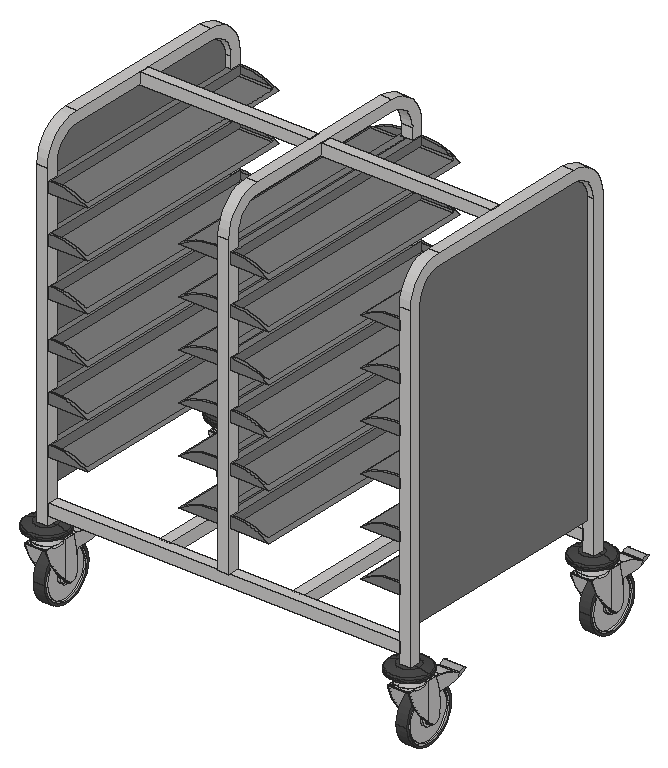
Revit family "QF_BOURGEAT_chariot_cafeteria_12plateaux_modele_bas_gris", category Equipement spécialisé, Revit 2015
Parameters (values of type "chariot_modele_bas_glissieres_grises_avec_panneaux_gris")
  panneaux_gris = yes
  URL catalogue = "http://www.bourgeat.fr"
  URL = ""
  Type article = ""
  Spécification du Fabricant = "782926"
  Profondeur hors tout = 618 mm
  Poids net à vide = 23.50 kg
  Modèle = "CHARIOT CAFETERIA"
  Longueur hors tout = 923 mm
  Hauteur hors tout = 994 mm
  Fabricant = "BOURGEAT"
  Contact SAV = "0033(0)4.76.32.14.44"
  Charge max = 60.00 kg
Types (3, lengths in mm): name | panneaux_gris | Spécification du Fabricant | Poids net à vide | Modèle
  (no name) | yes | "782926" | 23.50 kg | "CHARIOT CAFETERIA"
  chariot_modele_bas_glissieres_grises_sans_panneaux | no | "CHARIOT CAFETERIA" | 17.00 kg | "782326"
  chariot_modele_bas_glissieres_grises_avec_panneaux_gris | yes | "782926" | 23.50 kg | "CHARIOT CAFETERIA"
Reference planes
  plane 1 "Centre (avant/arrière)": y = 0
  plane 2: z = 0
  plane 3 "Centre (gauche/droite)": x = 0
  plane 4: x = 426.5
  plane 5: x = -426.5
  plane 6: z = 227.8
  plane 7: z = 182
  plane 8: z = 202.8
  plane 9: x = -164.5
  plane 10: x = 164.5
  plane 11: y = 12.5
  plane 12: y = -12.5
  plane 13: z = 867.34
  plane 14: z = 759.34
  plane 15: z = 651.34
  plane 16: z = 543.34
  plane 17: z = 435.34
  plane 18: z = 327.34
  plane 19: x = -207
  plane 20: x = 207
  plane 21: x = -401.5
  plane 22: x = -12.5
  plane 23: x = 401.5
  plane 24: x = 12.5
  plane 25: z = 964.5
Forms (mm)
  Extrusion 1, solid, material "Acier inoxydable, brossé"
    sketch origin (0, 0, 0) x (0, 1, 0) y (0, 0, 1)
      loop
        line (-274, 228) -> (-274, 202.8) -> (-249, 202.8) -> (-249, 228) -> (-274, 228)
      loop
        line (249, 202.8) -> (274, 202.8) -> (274, 228) -> (249, 228) -> (249, 202.8)
    from -401.5 to 401.5
  Extrusion 2, solid, material "Acier inoxydable, brossé"
    sketch origin (0, 0, 0) x (1, 0, 0) y (0, 0, 1)
      loop
        line (-164.5, 227.8) -> (-164.5, 202.8) -> (-139.5, 202.8) -> (-139.5, 227.8) -> (-164.5, 227.8)
      loop
        line (164.5, 227.8) -> (139.5, 227.8) -> (139.5, 202.8) -> (164.5, 202.8) -> (164.5, 227.8)
    from -249 to 250
  Extrusion 3, solid, material "Acier inoxydable, brossé"
    sketch origin (0, 0, 0) x (1, 0, 0) y (0, 0, 1)
      loop
        line (-401.5, 995) -> (-401.5, 970) -> (-12.5, 970) -> (-12.5, 995) -> (-401.5, 995)
      loop
        line (401.5, 995) -> (12.5, 995) -> (12.5, 970) -> (401.5, 970) -> (401.5, 995)
    from -12.5 to 12.5
Dimensions and locks
  locked: plane 5 to plane 4 at 853
  plane 6 to plane 8 = 25 mm
  equal spacing: group 1, group 2, group 3, group 4, group 5, group 6  (x2)
  equal spacing: group 6, group 5, group 4, group 3, group 2, group 1
  nested 2 to level = 995 mm
  aligned and locked: level to plane 2
  aligned and locked: plane 5 to nested 1
  aligned and locked: nested 2 to plane 1 "Centre (avant/arrière)"
  aligned and locked: nested 1 to plane 1 "Centre (avant/arrière)"
  aligned and locked: nested 2 to nested 6
  aligned and locked: nested 6 to nested 2
  aligned and locked: plane 4 to nested 2
  aligned and locked: nested 1 to plane 5
  aligned and locked: nested 4 to nested 1  (x2)
  aligned and locked: nested 3 to nested 1
  aligned and locked: nested 5 to nested 2  (x2)
  aligned and locked: plane 3 "Centre (gauche/droite)" to nested 7
  aligned and locked: nested 7 to plane 1 "Centre (avant/arrière)"
  aligned and locked: Extrusion 1 sketch curve to nested 7  (x4)
  aligned and locked: plane 8 to Extrusion 1 sketch curve
  aligned and locked: Extrusion 1 sketch curve to nested 1
  aligned and locked: Extrusion 1 sketch curve to plane 8
  aligned and locked: nested 1 to Extrusion 1 sketch curve
  aligned and locked: Extrusion 1 to nested 2
  aligned and locked: Extrusion 1 to nested 1
  aligned and locked: plane 9 to Extrusion 2 sketch curve  (x2)
  aligned and locked: Extrusion 2 sketch curve to plane 6
  aligned and locked: plane 8 to Extrusion 2 sketch curve  (x3)
  aligned and locked: plane 10 to Extrusion 2 sketch curve  (x3)
  aligned and locked: plane 6 to Extrusion 2 sketch curve
  aligned and locked: Extrusion 2 sketch curve to plane 8
  aligned and locked: Extrusion 2 to Extrusion 1
  aligned and locked: Extrusion 3 sketch curve to nested 1
  aligned and locked: nested 1 to Extrusion 3 sketch curve
  aligned and locked: Extrusion 3 sketch curve to nested 7  (x3)
  aligned and locked: nested 2 to Extrusion 3 sketch curve
  aligned and locked: Extrusion 3 sketch curve to nested 2
  aligned and locked: nested 7 to Extrusion 3 sketch curve
  aligned and locked: plane 11 to Extrusion 3
  aligned and locked: plane 12 to Extrusion 3
  aligned and locked: plane 13 to nested 8
  aligned and locked: plane 21 to nested 8
  aligned and locked: plane 21 to nested 9
  aligned and locked: plane 21 to nested 12
  aligned and locked: nested 1 to plane 21
  aligned and locked: nested 14 to plane 22
  aligned and locked: nested 15 to plane 22
  aligned and locked: nested 18 to plane 22
  aligned and locked: nested 20 to plane 23
  aligned and locked: nested 21 to plane 23
  aligned and locked: nested 24 to plane 23
  aligned and locked: plane 24 to nested 26
  aligned and locked: plane 24 to nested 27
  aligned and locked: plane 24 to nested 30
  aligned and locked: nested 33 to nested 20
  aligned and locked: nested 32 to nested 8
  aligned and locked: plane 25 to nested 33
  aligned and locked: plane 25 to nested 32
Nested families
  nested 1: "montant_U" at (-414, 0, 182) x (0, 1, 0) z (0, 0, 1), visible <- "panneaux_gris", type "montant_U"
  nested 2: "montant_U" at (414, 0, 182) x (0, 1, 0) z (0, 0, 1), type "montant_U"
  nested 3: "ROULETTE_H182" at (-414, 261.5, 0), type "ROULETTE_H182"
    with Sans frein yes, Avec frein yes
  nested 4: "ROULETTE_H182" at (-414, -261.5, 0), type "ROULETTE_H182"
    with Sans frein yes, Avec frein yes
  nested 5: "ROULETTE_H182" at (414, -261.5, 0), type "ROULETTE_H182"
    with Sans frein yes, Avec frein yes
  nested 6: "ROULETTE_H182" at (414, 261.5, 0), type "ROULETTE_H182"
    with Sans frein yes, Avec frein yes
  nested 7: "montant_U_central" at (0, 0, 228) x (0, 1, 0) z (0, 0, 1), type "montant_U_central"
  nested 8: "glissiere_polypropylene_gris" at (-411.5, 0, 862.34), type "glissiere_polypropylene_gris"
  nested 9: "glissiere_polypropylene_gris" at (-411.5, 0, 754.34), type "glissiere_polypropylene_gris"
  nested 10: "glissiere_polypropylene_gris" at (-411.5, 0, 646.34), type "glissiere_polypropylene_gris"
  nested 11: "glissiere_polypropylene_gris" at (-411.5, 0, 538.34), type "glissiere_polypropylene_gris"
  nested 12: "glissiere_polypropylene_gris" at (-411.5, 0, 430.34), type "glissiere_polypropylene_gris"
  nested 13: "glissiere_polypropylene_gris" at (-411.5, 0, 322.34), type "glissiere_polypropylene_gris"
  nested 14: "glissiere_polypropylene_gris" at (-2.5, 0, 862.34) x (-1, 0, 0) z (0, 0, 1), type "glissiere_polypropylene_gris"
  nested 15: "glissiere_polypropylene_gris" at (-2.5, 0, 754.34) x (-1, 0, 0) z (0, 0, 1), type "glissiere_polypropylene_gris"
  nested 16: "glissiere_polypropylene_gris" at (-2.5, 0, 646.34) x (-1, 0, 0) z (0, 0, 1), type "glissiere_polypropylene_gris"
  nested 17: "glissiere_polypropylene_gris" at (-2.5, 0, 538.34) x (-1, 0, 0) z (0, 0, 1), type "glissiere_polypropylene_gris"
  nested 18: "glissiere_polypropylene_gris" at (-2.5, 0, 430.34) x (-1, 0, 0) z (0, 0, 1), type "glissiere_polypropylene_gris"
  nested 19: "glissiere_polypropylene_gris" at (-2.5, 0, 322.34) x (-1, 0, 0) z (0, 0, 1), type "glissiere_polypropylene_gris"
  nested 20: "glissiere_polypropylene_gris" at (411.5, 0, 862.34) x (-1, 0, 0) z (0, 0, 1), type "glissiere_polypropylene_gris"
  nested 21: "glissiere_polypropylene_gris" at (411.5, 0, 754.34) x (-1, 0, 0) z (0, 0, 1), type "glissiere_polypropylene_gris"
  nested 22: "glissiere_polypropylene_gris" at (411.5, 0, 646.34) x (-1, 0, 0) z (0, 0, 1), type "glissiere_polypropylene_gris"
  nested 23: "glissiere_polypropylene_gris" at (411.5, 0, 538.34) x (-1, 0, 0) z (0, 0, 1), type "glissiere_polypropylene_gris"
  nested 24: "glissiere_polypropylene_gris" at (411.5, 0, 430.34) x (-1, 0, 0) z (0, 0, 1), type "glissiere_polypropylene_gris"
  nested 25: "glissiere_polypropylene_gris" at (411.5, 0, 322.34) x (-1, 0, 0) z (0, 0, 1), type "glissiere_polypropylene_gris"
  nested 26: "glissiere_polypropylene_gris" at (2.5, 0, 862.34), type "glissiere_polypropylene_gris"
  nested 27: "glissiere_polypropylene_gris" at (2.5, 0, 754.34), type "glissiere_polypropylene_gris"
  nested 28: "glissiere_polypropylene_gris" at (2.5, 0, 646.34), type "glissiere_polypropylene_gris"
  nested 29: "glissiere_polypropylene_gris" at (2.5, 0, 538.34), type "glissiere_polypropylene_gris"
  nested 30: "glissiere_polypropylene_gris" at (2.5, 0, 430.34), type "glissiere_polypropylene_gris"
  nested 31: "glissiere_polypropylene_gris" at (2.5, 0, 322.34), type "glissiere_polypropylene_gris"
  nested 32: "panneaux_lateraux_gris" at (-415.5, 0, 252.5) x (0, 1, 0) z (0, 0, 1), type "panneaux_lateraux_gris"
  nested 33: "panneaux_lateraux_gris" at (411.5, 0, 252.5) x (0, 1, 0) z (0, 0, 1), visible <- "panneaux_gris", type "panneaux_lateraux_gris"
Definition of nested family "montant_U"
  Reference planes
    plane 1 "Centre (avant/arrière)": y = 0
    plane 2: z = 0
    plane 3 "Centre (gauche/droite)": x = 0
    plane 4: x = -261.5
    plane 5: x = 261.5
    plane 6: z = 800.5
  Forms (mm)
    Sweep 1, solid
      path origin (0, 0, 0) x (1, 0, 0) y (0, 0, 1)
        loop
          line (-261.5, 0) -> (-261.5, 730.5)
          arc (-261.5, 730.5) -> (-240.997, 779.997) -> (-191.5, 800.5) r 70
          line (-191.5, 800.5) -> (191.5, 800.5)
          arc (191.5, 800.5) -> (240.997, 779.997) -> (261.5, 730.5) r 70
          line (261.5, 730.5) -> (261.5, 0)
      profile origin (-261.5, 0, 365.25) x (-1, 0, 0) y (0, -1, 0)
        loop
          line (-12.5, -12.5) -> (12.5, -12.5) -> (12.5, 12.5) -> (-12.5, 12.5) -> (-12.5, -12.5)
  Dimensions and locks
    equal spacing: plane 4, plane 3 "Centre (gauche/droite)", plane 5
    plane 6 to plane 2 = 800.5 mm
    aligned and locked: level to plane 2
    aligned and locked: Sweep 1 sketch curve to plane 4
    aligned and locked: Sweep 1 sketch curve to plane 6
    aligned and locked: Sweep 1 sketch curve to plane 5
  Automatic sketch dimensions
    Sweep 1 sketch curve to level = 0 mm  (x2)
    Sweep 1 sketch curve to plane 4 = 70 mm
    Sweep 1 sketch curve to Sweep 1 sketch curve = 70 mm
    Sweep 1 sketch curve to plane 1 "Centre (avant/arrière)" = 12.5 mm
    plane 1 "Centre (avant/arrière)" to Sweep 1 sketch curve = 12.5 mm
    profile plane to Sweep 1 sketch curve = 12.5 mm
    Sweep 1 sketch curve to profile plane = 12.5 mm
Definition of nested family "ROULETTE_H182"
  Parameters (values of type "ROULETTE_H182")
    Sans frein [instance] = yes
    Avec frein [instance] = yes
  Reference planes
    plane 1 "Centre (avant/arrière)": y = 0
    plane 2: z = 0
    plane 3 "Centre (gauche/droite)": x = 0
    plane 4: y = 40.851
    plane 5: z = 62.5
  Forms (mm)
    Extrusion 1, solid
      sketch origin (0, 0, 0) x (0, 1, 0) y (0, 0, 1)
        loop
          circle (40.851, 62.5) r 62.5
        loop
          circle (40.851, 62.5) r 57.5
      from -12.5 to 12.5
    Revolve 2, solid
      sketch origin (0, 0, 30.333) x (1, 0, 0) y (0, 0, 1)
        loop
          line (0, 151.667) -> (-25, 151.667) -> (-45.338, 146.217)
          arc (-45.338, 146.217) -> (-46.897, 145.175) -> (-47.5, 143.4) r 2.917
          line (-47.5, 143.4) -> (-47.5, 138.833)
          arc (-47.5, 138.833) -> (-47.012, 137.655) -> (-45.833, 137.167) r 1.667
          line (-45.833, 137.167) -> (-24.607, 137.167) -> (-24, 132.667) -> (0, 132.667) -> (0, 151.667)
        axis (0, 151.667) -> (0, 132.667)
      angle from 0 to 360
    Revolve 3, solid
      sketch origin (0, 0, 0) x (0, 1, 0) y (0, 0, 1)
        loop
          line (0, 163) -> (-20.149, 163) -> (-20.149, 159.41) -> (-21.6, 159.41)
          arc (-21.6, 159.41) -> (-24.448, 158.65) -> (-26.537, 156.572) r 5.712
          line (-26.537, 156.572) -> (-30.146, 147.743) -> (-26.999, 147.062) -> (-26.999, 146.112)
          arc (-26.999, 146.112) -> (-27.23, 145.314) -> (-27.849, 144.761) r 1.5
          arc (-27.849, 144.761) -> (-29.223, 143.633) -> (-29.923, 142) r 3.75
          line (-29.923, 142) -> (0, 142) -> (0, 163)
        axis (0, 163) -> (0, 142)
      angle from 0 to 360
    Extrusion 4, solid
      sketch origin (0, 0, 0) x (0, 1, 0) y (0, 0, -1)
        loop
          line (-29.974, -138.241) -> (-29.974, -142) -> (21.747, -142) -> (21.747, -60.336)
          arc (21.747, -60.336) -> (10.272, -70.702) -> (-0.149, -82.127) r 160.057
          arc (-0.149, -82.127) -> (-17.883, -108.684) -> (-29.974, -138.241) r 159.585
      from -24.913 to -23.038
    Extrusion 5, solid
      sketch origin (0, 0, 0) x (0, 1, 0) y (0, 0, 1)
        loop
          line (-29.974, 142) -> (-29.974, 140.869) -> (21.747, 140.869) -> (21.747, 142) -> (-29.974, 142)
      from -23.038 to 23.038
    Extrusion 6, solid
      sketch origin (0, 0, 0) x (0, 1, 0) y (0, 0, 1)
        loop
          circle (40.851, 62.5) r 57.5
        loop
          circle (40.851, 62.5) r 55
      from -12.5 to 12.5
    Extrusion 7, solid
      sketch origin (0, 0, 0) x (0, 1, 0) y (0, 0, 1)
        loop
          circle (40.851, 62.5) r 55
      from -7 to 7
    Extrusion 8, solid
      sketch origin (0, 0, 0) x (0, 1, 0) y (0, 0, 1)
        loop
          circle (40.851, 62.5) r 21
      from 7 to 15
    Extrusion 9, solid
      sketch origin (0, 0, 0) x (0, 1, 0) y (0, 0, -1)
        loop
          circle (40.851, -62.5) r 16
      from -23.038 to -15
    Extrusion 10, solid, visible <- "Sans frein"
      sketch origin (0, 0, 0) x (0, 1, 0) y (0, 0, 1)
        loop
          arc (21.747, 60.336) -> (23.188, 59.17) -> (24.642, 58.02) r 161.23
          arc (24.642, 58.02) -> (29.34, 54.513) -> (34.187, 51.216) r 133.333
          arc (34.187, 51.216) -> (46.517, 50.3) -> (53.927, 60.198) r 12.867
          arc (53.927, 60.198) -> (54.714, 99.183) -> (46.119, 137.216) r 161.222
          arc (46.119, 137.216) -> (45.679, 138.887) -> (45.531, 140.609) r 10.076
          line (45.531, 140.609) -> (45.531, 142) -> (21.747, 142) -> (21.747, 60.336)
      from 23.038 to 24.913
    Extrusion 11, solid, visible <- "Sans frein"
      sketch origin (0, 0, 0) x (0, 1, 0) y (0, 0, 1)
        loop
          line (21.747, 142) -> (21.747, 140.701) -> (48.851, 140.701) -> (48.851, 142) -> (21.747, 142)
      from -23.038 to 23.038
    Extrusion 12, solid, visible <- "Avec frein"
      sketch origin (0, 0, 0) x (0, 1, 0) y (0, 0, 1)
        loop
          line (21.747, 142) -> (21.747, 60.336)
          arc (21.747, 60.336) -> (23.177, 59.179) -> (24.62, 58.038) r 160.008
          arc (24.62, 58.038) -> (29.041, 54.705) -> (33.574, 51.527) r 160
          arc (33.574, 51.527) -> (46.135, 50.422) -> (53.724, 60.491) r 13
          arc (53.724, 60.491) -> (55.279, 82.092) -> (53.902, 103.704) r 160
          arc (53.902, 103.704) -> (55.53, 108.653) -> (60.415, 110.463) r 6
          arc (60.415, 110.463) -> (80.625, 109.924) -> (100.725, 112.107) r 150
          arc (100.725, 112.107) -> (104.408, 113.406) -> (107.479, 115.819) r 12
          line (107.479, 115.819) -> (110.851, 121.523)
          arc (110.851, 121.523) -> (85.913, 134.651) -> (58.706, 142) r 127.902
          line (58.706, 142) -> (21.747, 142)
      from 23.038 to 24.913
    Extrusion 13, solid, visible <- "Avec frein"
      sketch origin (0, 0, 0) x (0, 1, 0) y (0, 0, 1)
        loop
          line (58.706, 142) -> (21.747, 142) -> (21.747, 140) -> (58.552, 140)
          arc (58.552, 140) -> (85.253, 132.762) -> (109.73, 119.866) r 125.902
          line (109.73, 119.866) -> (110.851, 121.523)
          arc (110.851, 121.523) -> (85.913, 134.651) -> (58.706, 142) r 127.902
      from -23.038 to 23.038
    Extrusion 14, solid, visible <- "Avec frein"
      sketch origin (0, 19.896, 18.175) x (0, 1, 0) y (0, 0, 1)
        loop
          line (87.583, 97.644) -> (91.829, 95.227)
          arc (91.829, 95.227) -> (93.8, 95.006) -> (95.312, 96.29) r 2.5
          arc (95.312, 96.29) -> (103.495, 100.002) -> (111.176, 104.666) r 74.999
          line (111.176, 104.666) -> (110.852, 105.929)
          arc (110.852, 105.929) -> (110.04, 107.086) -> (108.666, 107.417) r 2
          arc (108.666, 107.417) -> (101.396, 105.849) -> (94.512, 103.034) r 42.354
          line (94.512, 103.034) -> (93.479, 101.228) -> (93.285, 100.414) -> (91.69, 101.675) -> (90.401, 102.412) -> (87.583, 97.644)
      from -23.038 to 23.038
    Extrusion 15, solid, not visible
      sketch origin (0, 0, 0) x (0, 1, 0) y (0, 0, -1)
        loop
          line (-29.974, -138.241) -> (-29.974, -142) -> (21.747, -142) -> (21.747, -60.336)
          arc (21.747, -60.336) -> (10.272, -70.702) -> (-0.149, -82.127) r 160.057
          arc (-0.149, -82.127) -> (-17.883, -108.684) -> (-29.974, -138.241) r 159.585
      from -24.913 to -23.038
    Extrusion 16, solid, not visible
      sketch origin (0, 0, 0) x (0, 1, 0) y (0, 0, 1)
        loop
          circle (40.851, 62.5) r 21
      from 7 to 15
    Extrusion 17, solid, not visible
      sketch origin (0, 0, 0) x (0, 1, 0) y (0, 0, -1)
        loop
          circle (40.851, -62.5) r 16
      from -23.038 to -15
    Extrusion 18, solid, visible <- "Sans frein", not visible
      sketch origin (0, 0, 0) x (0, 1, 0) y (0, 0, 1)
        loop
          arc (21.747, 60.336) -> (23.188, 59.17) -> (24.642, 58.02) r 161.23
          arc (24.642, 58.02) -> (29.34, 54.513) -> (34.187, 51.216) r 133.333
          arc (34.187, 51.216) -> (46.517, 50.3) -> (53.927, 60.198) r 12.867
          arc (53.927, 60.198) -> (54.714, 99.183) -> (46.119, 137.216) r 161.222
          arc (46.119, 137.216) -> (45.679, 138.887) -> (45.531, 140.609) r 10.076
          line (45.531, 140.609) -> (45.531, 142) -> (21.747, 142) -> (21.747, 60.336)
      from 23.038 to 24.913
    Extrusion 19, solid, visible <- "Avec frein", not visible
      sketch origin (0, 0, 0) x (0, 1, 0) y (0, 0, 1)
        loop
          line (21.747, 142) -> (21.747, 60.336)
          arc (21.747, 60.336) -> (23.177, 59.179) -> (24.62, 58.038) r 160.008
          arc (24.62, 58.038) -> (29.041, 54.705) -> (33.574, 51.527) r 160
          arc (33.574, 51.527) -> (46.135, 50.422) -> (53.724, 60.491) r 13
          arc (53.724, 60.491) -> (55.279, 82.092) -> (53.902, 103.704) r 160
          arc (53.902, 103.704) -> (55.53, 108.653) -> (60.415, 110.463) r 6
          arc (60.415, 110.463) -> (80.625, 109.924) -> (100.725, 112.107) r 150
          arc (100.725, 112.107) -> (104.408, 113.406) -> (107.479, 115.819) r 12
          line (107.479, 115.819) -> (110.851, 121.523)
          arc (110.851, 121.523) -> (85.913, 134.651) -> (58.706, 142) r 127.902
          line (58.706, 142) -> (21.747, 142)
      from 23.038 to 24.913
    Extrusion 20, solid
      sketch origin (0, 0, 0) x (0, -1, 0) y (0, 0, -1)
        loop
          arc (29.974, -138.241) -> (17.883, -108.684) -> (0.149, -82.127) r 159.585
          arc (0.149, -82.127) -> (-10.272, -70.702) -> (-21.747, -60.336) r 160.057
          line (-21.747, -60.336) -> (-21.747, -142) -> (29.974, -142) -> (29.974, -138.241)
      from -24.913 to -23.038
    Extrusion 21, solid
      sketch origin (0, 0, 0) x (0, -1, 0) y (0, 0, 1)
        loop
          circle (-40.851, 62.5) r 21
      from 7 to 15
    Extrusion 22, solid
      sketch origin (0, 0, 0) x (0, -1, 0) y (0, 0, -1)
        loop
          circle (-40.851, -62.5) r 16
      from -23.038 to -15
    Extrusion 23, solid, visible <- "Sans frein"
      sketch origin (0, 0, 0) x (0, -1, 0) y (0, 0, 1)
        loop
          line (-21.747, 60.336) -> (-21.747, 142) -> (-45.531, 142) -> (-45.531, 140.609)
          arc (-45.531, 140.609) -> (-45.679, 138.887) -> (-46.119, 137.216) r 10.076
          arc (-46.119, 137.216) -> (-54.714, 99.183) -> (-53.927, 60.198) r 161.222
          arc (-53.927, 60.198) -> (-46.517, 50.3) -> (-34.187, 51.216) r 12.867
          arc (-34.187, 51.216) -> (-29.34, 54.513) -> (-24.642, 58.02) r 133.333
          arc (-24.642, 58.02) -> (-23.188, 59.17) -> (-21.747, 60.336) r 161.23
      from 23.038 to 24.913
    Extrusion 24, solid, visible <- "Avec frein"
      sketch origin (0, 0, 0) x (0, -1, 0) y (0, 0, 1)
        loop
          line (-21.747, 142) -> (-58.706, 142)
          arc (-58.706, 142) -> (-85.913, 134.651) -> (-110.851, 121.523) r 127.902
          line (-110.851, 121.523) -> (-107.479, 115.819)
          arc (-107.479, 115.819) -> (-104.408, 113.406) -> (-100.725, 112.107) r 12
          arc (-100.725, 112.107) -> (-80.625, 109.924) -> (-60.415, 110.463) r 150
          arc (-60.415, 110.463) -> (-55.53, 108.653) -> (-53.902, 103.704) r 6
          arc (-53.902, 103.704) -> (-55.279, 82.092) -> (-53.724, 60.491) r 160
          arc (-53.724, 60.491) -> (-46.135, 50.422) -> (-33.574, 51.527) r 13
          arc (-33.574, 51.527) -> (-29.041, 54.705) -> (-24.62, 58.038) r 160
          arc (-24.62, 58.038) -> (-23.177, 59.179) -> (-21.747, 60.336) r 160.008
          line (-21.747, 60.336) -> (-21.747, 142)
      from 23.038 to 24.913
  Dimensions and locks
    aligned and locked: level to plane 2
Definition of nested family "montant_U_central"
  Reference planes
    plane 1 "Centre (avant/arrière)": y = 0
    plane 2: z = 0
    plane 3 "Centre (gauche/droite)": x = 0
    plane 4: x = -261.5
    plane 5: x = 261.5
    plane 6: z = 754.5
  Forms (mm)
    Sweep 1, solid
      path origin (0, 0, 0) x (1, 0, 0) y (0, 0, 1)
        loop
          line (-261.5, 0) -> (-261.5, 684.5)
          arc (-261.5, 684.5) -> (-240.997, 733.997) -> (-191.5, 754.5) r 70
          line (-191.5, 754.5) -> (191.5, 754.5)
          arc (191.5, 754.5) -> (240.997, 733.997) -> (261.5, 684.5) r 70
          line (261.5, 684.5) -> (261.5, 0)
      profile origin (-261.5, 0, 342.25) x (-1, 0, 0) y (0, -1, 0)
        loop
          line (-12.5, -12.5) -> (12.5, -12.5) -> (12.5, 12.5) -> (-12.5, 12.5) -> (-12.5, -12.5)
  Dimensions and locks
    equal spacing: plane 4, plane 3 "Centre (gauche/droite)", plane 5
    plane 6 to plane 2 = 754.5 mm
    aligned and locked: level to plane 2
    aligned and locked: Sweep 1 sketch curve to plane 4
    aligned and locked: Sweep 1 sketch curve to plane 6
    aligned and locked: Sweep 1 sketch curve to plane 5
  Automatic sketch dimensions
    Sweep 1 sketch curve to level = 0 mm  (x2)
    Sweep 1 sketch curve to plane 4 = 70 mm
    Sweep 1 sketch curve to Sweep 1 sketch curve = 70 mm
    Sweep 1 sketch curve to plane 1 "Centre (avant/arrière)" = 12.5 mm
    plane 1 "Centre (avant/arrière)" to Sweep 1 sketch curve = 12.5 mm
    profile plane to Sweep 1 sketch curve = 12.5 mm
    Sweep 1 sketch curve to profile plane = 12.5 mm
Definition of nested family "glissiere_polypropylene_gris"
  Reference planes
    plane 1 "Centre (avant/arrière)": y = 0
    plane 2: z = 0
    plane 3 "Centre (gauche/droite)": x = 0
    plane 4: z = 25
    plane 5: x = 100
    plane 6: x = 22
    plane 7: y = 272.5
    plane 8: y = -272.5
    plane 9: x = 15
    plane 10: y = -267.5
    plane 11: z = 5
    plane 12: y = 267.5
    plane 13: y = 247.7
    plane 14: y = -247.7
    plane 15: x = 10
  Forms (mm)
    Extrusion 1, solid
      sketch origin (0, 0, 0) x (1, 0, 0) y (0, 0, 1)
        loop
          line (0, 25) -> (0, 0) -> (100, 0)
          arc (100, 0) -> (62.954, 18.597) -> (22, 25) r 134.18
          line (22, 25) -> (0, 25)
      from -272.5 to 272.5
    Extrusion 2, void
      sketch origin (0, 0, 0) x (0, 1, 0) y (0, 0, 1)
        loop
          line (-264, 5) -> (264, 5)
          arc (264, 5) -> (266.475, 6.025) -> (267.5, 8.5) r 3.5
          line (267.5, 8.5) -> (267.5, 43.902) -> (-267.5, 43.902) -> (-267.5, 8.5)
          arc (-267.5, 8.5) -> (-266.475, 6.025) -> (-264, 5) r 3.5
      from 15 to 250
    Extrusion 3, void
      sketch origin (0, 0, 0) x (1, 0, 0) y (0, 1, 0)
        loop
          line (10, 247.7) -> (10, 289.852) -> (-26.988, 289.852) -> (-26.988, 247.7) -> (10, 247.7)
        loop
          line (10, -247.7) -> (-17.716, -247.7) -> (-17.716, -285.125) -> (10, -285.125) -> (10, -247.7)
      from -29.595 to 250
  Cuts and joins
    Extrusion 2, Extrusion 3 cuts Extrusion 1
  Dimensions and locks
    aligned and locked: level to plane 2
    aligned and locked: Extrusion 1 sketch curve to plane 3 "Centre (gauche/droite)"
    aligned and locked: Extrusion 1 sketch curve to plane 2
    aligned and locked: Extrusion 1 sketch curve to plane 4
    aligned and locked: plane 7 to Extrusion 1
    aligned and locked: plane 8 to Extrusion 1
    aligned and locked: Extrusion 2 sketch curve to plane 11
    aligned and locked: Extrusion 2 sketch curve to plane 10
    aligned and locked: plane 12 to Extrusion 2 sketch curve
    aligned and locked: Extrusion 2 to plane 9
    aligned and locked: plane 13 to Extrusion 3 sketch curve
    aligned and locked: plane 15 to Extrusion 3 sketch curve
    aligned and locked: plane 14 to Extrusion 3 sketch curve
    aligned and locked: Extrusion 3 sketch curve to plane 15
Definition of nested family "panneaux_lateraux_gris"
  Reference planes
    plane 1 "Centre (avant/arrière)": y = 0
    plane 2: z = 0
    plane 3 "Centre (gauche/droite)": x = 0
    plane 4: x = -244
    plane 5: x = 244
    plane 6: z = 712
    plane 7: y = -4
  Forms (mm)
    Extrusion 1, solid
      sketch origin (0, 0, 0) x (1, 0, 0) y (0, 0, 1)
        loop
          arc (-191.5, 712) -> (-228.623, 696.623) -> (-244, 659.5) r 52.5
          line (-244, 659.5) -> (-244, 0) -> (244, 0) -> (244, 659.5)
          arc (244, 659.5) -> (228.623, 696.623) -> (191.5, 712) r 52.5
          line (191.5, 712) -> (-191.5, 712)
      from 0 to 4
  Dimensions and locks
    plane 6 to plane 2 = 712 mm
    plane 4 to plane 3 "Centre (gauche/droite)" = 244 mm
    plane 5 to plane 3 "Centre (gauche/droite)" = 244 mm
    aligned and locked: level to plane 2
    aligned and locked: Extrusion 1 sketch curve to plane 6
    aligned and locked: Extrusion 1 sketch curve to plane 4
    aligned and locked: plane 2 to Extrusion 1 sketch curve
    aligned and locked: Extrusion 1 sketch curve to plane 5
    aligned and locked: Extrusion 1 to plane 7
